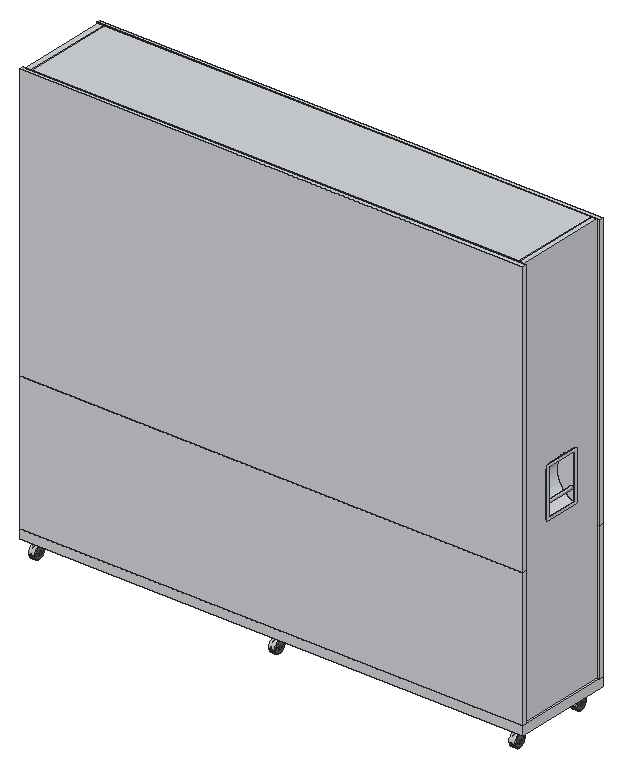
Revit family "ThinkingWall Divider", category Generic Models, Revit 2023
Family settings
  Can host rebar = No
  Round Connector Dimension = Use Diameter
  Part Type = Normal
  Work Plane-Based = No
  Always vertical = Yes
  Cut with Voids When Loaded = No
  Maintain Annotation Orientation = No
  Shared = No
  Room Calculation Point = No
Parameters (values of type "ThinkingWall® Divider")
  URL = "https://www.logovisual.com/product/whiteboards/thinkingwall/dividers/divider/"
  Model = "ThinkingWall® Divider"
  Manufacturer = "Logovisual LTD"
  End Panel Colour = none
  Description = "Double sided mobile whiteboard wall. Part of the ThinkingWall® range for flexible breakout and meeting spaces."
  Default Elevation = 0 mm
Reference planes
  plane 1 "Center (Front/Back)": y = 0
  plane 2: z = 0
  plane 3 "Center (Left/Right)": x = 0
  plane 4: y = 217.5
  plane 5: x = 2200
  plane 6: y = -217.5
  plane 7: x = 1100
  plane 8: z = 71.5
  plane 9 "a": z = 111.5
  plane 10: z = 1911.5
  plane 11: y = 200
  plane 12: y = -200
  plane 13: x = 34
  plane 14: x = 2166
  plane 15: z = 711.5
  plane 16: x = 10
  plane 17: x = 2190
  plane 18: z = 1893.5
  plane 19: z = 850
Forms (mm)
  Extrusion 1, solid
    sketch origin (-511.407, -1524, 71.5) x (-1, 0, 0) y (0, -1, 0)
      loop
        line (-511.407, -1741.5) -> (-511.407, -1306.5) -> (-2711.407, -1306.5) -> (-2711.407, -1741.5) -> (-511.407, -1741.5)
    from 0 to 40
  Extrusion 2, solid
    sketch origin (-511.407, -1524, 111.5) x (-1, 0, 0) y (0, -1, 0)
      loop
        line (-511.407, -1741.5) -> (-511.407, -1724) -> (-2711.407, -1724) -> (-2711.407, -1741.5) -> (-511.407, -1741.5)
    from 0 to 600
  Extrusion 3, solid, material <- "End Panel Colour"
    sketch origin (-511.407, -1524, 111.5) x (-1, 0, 0) y (0, -1, 0)
      loop
        line (-521.407, -1724) -> (-521.407, -1324) -> (-545.407, -1324) -> (-545.407, -1724) -> (-521.407, -1724)
    from 0 to 1800
  Extrusion 4, solid, material <- "End Panel Colour"
    sketch origin (-511.407, -1524, 111.5) x (-1, 0, 0) y (0, -1, 0)
      loop
        line (-2701.407, -1724) -> (-2677.407, -1724) -> (-2677.407, -1324) -> (-2701.407, -1324) -> (-2701.407, -1724)
    from 0 to 1800
  Extrusion 5, solid
    sketch origin (-511.407, -1524, 111.5) x (-1, 0, 0) y (0, -1, 0)
      loop
        line (-511.407, -1324) -> (-511.407, -1306.5) -> (-2711.407, -1306.5) -> (-2711.407, -1324) -> (-511.407, -1324)
    from 0 to 600
  Extrusion 6, solid
    sketch origin (-511.407, -1524, 711.5) x (-1, 0, 0) y (0, -1, 0)
      loop
        line (-511.407, -1741.5) -> (-511.407, -1724) -> (-2711.407, -1724) -> (-2711.407, -1741.5) -> (-511.407, -1741.5)
    from 0 to 1200
  Extrusion 7, solid
    sketch origin (-511.407, 1524, 711.5) x (-1, 0, 0) y (0, -1, 0)
      loop
        line (-511.407, 1741.5) -> (-2711.407, 1741.5) -> (-2711.407, 1724) -> (-511.407, 1724) -> (-511.407, 1741.5)
    from 0 to 1200
  Extrusion 8, solid
    sketch origin (-511.407, -1524, 111.5) x (-1, 0, 0) y (0, -1, 0)
      loop
        line (-545.407, -1724) -> (-545.407, -1324) -> (-2677.407, -1324) -> (-2677.407, -1724) -> (-545.407, -1724)
    from 1782 to 1800
  Extrusion 9, void
    sketch origin (0, 0, 0) x (0, 1, 0) y (0, 0, 1)
      loop
        line (81.5, 1060) -> (-81.5, 1060) -> (-81.5, 860) -> (81.5, 860) -> (81.5, 1060)
    from 10 to 108.105
  Extrusion 10, void
    sketch origin (2190, 448.47, 1200) x (0, -1, 0) y (0, 0, -1)
      loop
        line (529.97, 140) -> (529.97, 340) -> (366.97, 340) -> (366.97, 140) -> (529.97, 140)
    from 0 to -200
Cuts and joins
  Extrusion 9, Extrusion 10 cuts Extrusion 3
  Extrusion 10 cuts Extrusion 4
Dimensions and locks
  equal spacing: plane 4, plane 1 "Center (Front/Back)", plane 6
  plane 4 to plane 6 = 435 mm
  plane 3 "Center (Left/Right)" to plane 5 = 2200 mm
  locked: plane 3 "Center (Left/Right)" to nested 1 at 50
  locked: plane 4 to nested 1 at 50
  equal spacing: plane 3 "Center (Left/Right)", plane 7, plane 5
  locked: plane 4 to nested 2 at 50
  locked: nested 2 to plane 5 at 50
  locked: nested 4 to plane 5 at 50
  locked: plane 3 "Center (Left/Right)" to nested 3 at 50
  locked: plane 6 to nested 3 at 50
  locked: plane 6 to nested 4 at 50
  plane 9 "a" to plane 8 = 40 mm
  plane 10 to level = 1911.5 mm
  locked: plane 4 to plane 11 at 17.5
  locked: plane 6 to plane 12 at 17.5
  locked: plane 16 to plane 13 at 24
  locked: plane 14 to plane 17 at 24
  plane 15 to plane 9 "a" = 600 mm
  locked: plane 3 "Center (Left/Right)" to plane 16 at 10
  locked: plane 17 to plane 5 at 10
  locked: plane 10 to plane 18 at 18
  locked: plane 4 to nested 5 at 50
  locked: plane 6 to nested 6 at 50
  plane 10 to plane 15 = 1200 mm
  locked: plane 19 to level at 850
  aligned and locked: level to plane 2
  aligned and locked: Extrusion 1 sketch curve to plane 4
  aligned and locked: plane 3 "Center (Left/Right)" to Extrusion 1 sketch curve
  aligned and locked: Extrusion 1 sketch curve to plane 6
  aligned and locked: Extrusion 1 sketch curve to plane 5
  aligned and locked: Extrusion 1 to plane 8
  aligned and locked: Extrusion 1 to plane 9 "a"
  aligned and locked: Extrusion 2 sketch curve to plane 4
  aligned and locked: plane 3 "Center (Left/Right)" to Extrusion 2 sketch curve
  aligned and locked: Extrusion 2 sketch curve to plane 5
  aligned and locked: Extrusion 2 sketch curve to plane 11
  aligned and locked: Extrusion 2 to Extrusion 3 sketch curve
  aligned and locked: Extrusion 3 sketch curve to plane 13
  aligned and locked: Extrusion 4 sketch curve to Extrusion 2
  aligned and locked: plane 12 to Extrusion 4 sketch curve
  aligned and locked: plane 14 to Extrusion 4 sketch curve
  aligned and locked: plane 12 to Extrusion 5 sketch curve
  aligned and locked: Extrusion 5 sketch curve to Extrusion 1  (x2)
  aligned and locked: plane 15 to Extrusion 2
  aligned and locked: plane 12 to Extrusion 3
  aligned and locked: Extrusion 5 to plane 3 "Center (Left/Right)"
  aligned and locked: Extrusion 4 to plane 17
  aligned and locked: Extrusion 6 sketch curve to Extrusion 1  (x2)
  aligned and locked: Extrusion 6 sketch curve to plane 11
  aligned and locked: Extrusion 6 sketch curve to plane 5
  aligned and locked: Extrusion 6 to plane 15
  aligned and locked: plane 10 to Extrusion 6
  aligned and locked: Extrusion 7 sketch curve to plane 12
  aligned and locked: plane 6 to Extrusion 7 sketch curve
  aligned and locked: Extrusion 7 sketch curve to plane 3 "Center (Left/Right)"
  aligned and locked: plane 5 to Extrusion 7 sketch curve
  aligned and locked: Extrusion 8 sketch curve to Extrusion 3  (x2)
  aligned and locked: Extrusion 8 sketch curve to Extrusion 4  (x2)
  aligned and locked: Extrusion 8 to plane 18
  aligned and locked: plane 10 to Extrusion 8
  aligned and locked: plane 7 to nested 6
  aligned and locked: plane 7 to nested 5
  aligned and locked: plane 10 to Extrusion 7
  aligned and locked: plane 10 to Extrusion 3
  aligned and locked: plane 10 to Extrusion 4
  aligned and locked: plane 19 to nested 7
  aligned and locked: Extrusion 3 to Extrusion 9
  aligned and locked: nested 7 to plane 16
  aligned and locked: plane 1 "Center (Front/Back)" to nested 7
  aligned and locked: nested 7 to Extrusion 9  (x2)
  aligned and locked: Extrusion 9 to nested 7  (x2)
  aligned and locked: nested 8 to plane 19
  aligned and locked: nested 8 to plane 1 "Center (Front/Back)"
  aligned and locked: Extrusion 10 sketch curve to cut or joined group of Extrusion 3, Extrusion 9, Extrusion 10  (x2)
  aligned and locked: nested 7 to Extrusion 10 sketch curve
  aligned and locked: Extrusion 10 sketch curve to nested 7
  aligned and locked: Extrusion 10 to plane 17
  aligned and locked: plane 17 to nested 8
  aligned and locked: plane 15 to Extrusion 5
Automatic sketch dimensions
  plane 12 to Extrusion 3 sketch curve = 0 mm
  Extrusion 3 sketch curve to plane 16 = 0 mm
  Extrusion 4 sketch curve to plane 17 = 0 mm
  Extrusion 5 sketch curve to plane 3 "Center (Left/Right)" = 0 mm
  plane 1 "Center (Front/Back)" to Extrusion 9 sketch curve = 81.5 mm
  Extrusion 9 sketch curve to plane 1 "Center (Front/Back)" = 81.5 mm
  plane 19 to Extrusion 9 sketch curve = 10 mm
  Extrusion 9 sketch curve to Extrusion 9 sketch curve = 200 mm
Nested families
  nested 1: "50mm_Caster_Wheel 2" at (50, 167.5, 0) x (0, 1, 0) z (0, 0, 1), type "50mm_Caster_Wheel 2"
  nested 2: "50mm_Caster_Wheel 2" at (2150, 167.5, 0) x (0, 1, 0) z (0, 0, 1), type "50mm_Caster_Wheel 2"
  nested 3: "50mm_Caster_Wheel 2" at (50, -167.5, 0) x (0, 1, 0) z (0, 0, 1), type "50mm_Caster_Wheel 2"
  nested 4: "50mm_Caster_Wheel 2" at (2150, -167.5, 0) x (0, 1, 0) z (0, 0, 1), type "50mm_Caster_Wheel 2"
  nested 5: "50mm_Caster_Wheel 2" at (1100, 167.5, 0) x (0, 1, 0) z (0, 0, 1), type "50mm_Caster_Wheel 2"
  nested 6: "50mm_Caster_Wheel 2" at (1100, -167.5, 0) x (0, 1, 0) z (0, 0, 1), type "50mm_Caster_Wheel 2"
  nested 7: "handle" at (10, 0, 850) x (0, -1, 0) z (0, 0, 1), type "handle"
  nested 8: "handle" at (2190, 0, 850) x (0, -1, 0) z (0, 0, 1), type "handle"
Definition of nested family "50mm_Caster_Wheel 2"
  Parameters (values of type "50mm_Caster_Wheel 2")
    Default Elevation = 0 mm
  Reference planes
    plane 1 "Center (Front/Back)": y = 0
    plane 2: z = 0
    plane 3 "Center (Left/Right)": x = 0
    plane 4 "VWhlCntr": x = -22
    plane 5 "WhlCntr": z = 25
    plane 6: z = 56.73
    plane 7: z = 55.23
  Forms (mm)
    Revolve 1, solid
      sketch origin (0, 0, 25) x (-1, 0, 0) y (0, -1, 0)
        loop
          line (45.5, 13.5) -> (29.872, 13.5) -> (30.032, 14.411)
          arc (30.032, 14.411) -> (29.873, 15.004) -> (29.317, 15.263) r 0.727
          line (29.317, 15.263) -> (22, 15.263) -> (22, 4.169) -> (47, 4.169) -> (47, 12)
          arc (47, 12) -> (46.561, 13.061) -> (45.5, 13.5) r 1.5
        loop
          arc (45.5, -13.5) -> (46.561, -13.061) -> (47, -12) r 1.5
          line (47, -12) -> (47, -4.169) -> (22, -4.169) -> (22, -15.263) -> (29.317, -15.263)
          arc (29.317, -15.263) -> (29.873, -15.004) -> (30.032, -14.411) r 0.727
          line (30.032, -14.411) -> (29.872, -13.5) -> (45.5, -13.5)
        axis (22, 15.263) -> (22, -15.263)
      angle from 0 to 360
    Revolve 2, solid
      sketch origin (0, 0, 25) x (-1, 0, 0) y (0, -1, 0)
        loop
          line (22, 3.174) -> (33.047, 3.174)
          arc (33.047, 3.174) -> (32.755, 3.878) -> (32.052, 4.169) r 0.995
          line (32.052, 4.169) -> (22, 4.169) -> (22, 3.174)
        loop
          line (22, -3.174) -> (22, -4.169) -> (32.052, -4.169)
          arc (32.052, -4.169) -> (32.755, -3.878) -> (33.047, -3.174) r 0.995
          line (33.047, -3.174) -> (22, -3.174)
        axis (22, 4.169) -> (22, -4.169)
      angle from 0 to 360
    Revolve 3, solid
      sketch origin (0, 0, 0) x (1, 0, 0) y (0, 0, 1)
        loop
          line (0, 60) -> (21.525, 60) -> (21.525, 62.198)
          arc (21.525, 62.198) -> (20.577, 63.345) -> (19.43, 64.292) r 7.866
          arc (19.43, 64.292) -> (16.996, 68.264) -> (12.416, 67.416) r 4.113
          line (12.416, 67.416) -> (10, 65) -> (10, 70) -> (0, 70) -> (0, 60)
        axis (0, 60) -> (0, 70)
      angle from 0 to 360
    Extrusion 4, solid
      sketch origin (0, 0, 0) x (1, 0, 0) y (0, 0, 1)
        loop
          circle (-22, 25) r 2.964
      from -12.5 to 12.5
    Extrusion 5, solid
      sketch origin (0, 0, 70) x (1, 0, 0) y (0, 1, 0)
        loop
          line (-25, 25) -> (-25, -25) -> (25, -25) -> (25, 25) -> (-25, 25)
      from 0 to 1.5
    Extrusion 6, solid
      sketch origin (0, 0, 0) x (1, 0, 0) y (0, 0, 1)
        loop
          line (-49.398, 25.312) -> (-47.348, 25.312)
          arc (-47.348, 25.312) -> (-22.059, 50.601) -> (3.229, 25.313) r 25.288
          line (3.229, 25.313) -> (5.279, 25.313)
          arc (5.279, 25.313) -> (-22.059, 52.651) -> (-49.398, 25.312) r 27.339
      from -13.5 to 13.5
    Extrusion 7, solid
      sketch origin (0, 0, 0) x (1, 0, 0) y (0, 0, 1)
        loop
          arc (-22.059, 52.651) -> (-2.728, 44.644) -> (5.279, 25.312) r 27.339
          line (5.279, 25.312) -> (5.279, 60) -> (-22.059, 60) -> (-22.059, 52.651)
      from -13.5 to 13.5
  Dimensions and locks
    plane 3 "Center (Left/Right)" to plane 4 "VWhlCntr" = 22 mm
    Revolve 3 to level = 70 mm
    Revolve 3 to plane 2 = 70 mm
    diameter of Revolve 1 = 50 mm
    aligned and locked: level to plane 2
Definition of nested family "handle"
  Parameters (values of type "handle")
    Handle Material = none
    Default Elevation = 0 mm
  Reference planes
    plane 1 "Center (Front/Back)": y = 0
    plane 2: z = 0
    plane 3 "Center (Left/Right)": x = 0
    plane 4: z = 220
    plane 5: x = -81.5
    plane 6: x = 81.5
    plane 7: x = -71.5
    plane 8: z = 210
    plane 9: z = 10
    plane 10: z = 110
    plane 11: x = 71.5
    plane 12: z = 62
  Forms (mm)
    Extrusion 1, solid, material <- "Handle Material"
      sketch origin (0, 0, 0) x (1, 0, 0) y (0, 0, 1)
        loop
          arc (-74.5, 220) -> (-79.45, 217.95) -> (-81.5, 213) r 7
          line (-81.5, 213) -> (-81.5, 7)
          arc (-81.5, 7) -> (-79.45, 2.05) -> (-74.5, 0) r 7
          line (-74.5, 0) -> (74.5, 0)
          arc (74.5, 0) -> (79.45, 2.05) -> (81.5, 7) r 7
          line (81.5, 7) -> (81.5, 213)
          arc (81.5, 213) -> (79.45, 217.95) -> (74.5, 220) r 7
          line (74.5, 220) -> (-74.5, 220)
        loop
          line (-71.5, 210) -> (-71.5, 10) -> (71.5, 10) -> (71.5, 210) -> (-71.5, 210)
      from 0 to 5
    Extrusion 2, solid, material <- "Handle Material"
      sketch origin (0, 0, 0) x (0, 1, 0) y (0, 0, 1)
        loop
          arc (0, 210) -> (73.091, 110) -> (0, 10) r 104.953
          line (0, 10) -> (0, 0.472) -> (3.036, 0.472)
          arc (3.036, 0.472) -> (83.091, 110) -> (3.036, 219.528) r 114.953
          line (3.036, 219.528) -> (0, 219.528) -> (0, 210)
      from -71.5 to 71.5
    Extrusion 3, solid, material <- "Handle Material"
      sketch origin (-71.5, -1524, 343.23) x (0, 0, 1) y (0, -1, 0)
        loop
          line (-133.23, -1524) -> (-333.23, -1524)
          arc (-333.23, -1524) -> (-233.23, -1597.091) -> (-133.23, -1524) r 104.953
      from -10 to 0
    Extrusion 4, solid, material <- "Handle Material"
      sketch origin (71.5, -1524, 343.23) x (0, 0, 1) y (0, 1, 0)
        loop
          arc (-133.23, 1524) -> (-233.23, 1597.091) -> (-333.23, 1524) r 104.953
          line (-333.23, 1524) -> (-133.23, 1524)
      from -10 to 0
    Sweep 5, solid, material <- "Handle Material"
      path origin (0, 0, 0) x (1, 0, 0) y (0, 0, 1)
        loop
          line (-71.5, 62) -> (71.5, 62)
      profile origin (0, 0, 62) x (0, 0, 1) y (0, -1, 0)
        loop
          circle (0, -7.974) r 5
  Dimensions and locks
    equal spacing: plane 5, plane 3 "Center (Left/Right)", plane 6
    locked: plane 6 to plane 5 at 163
    locked: plane 4 to level at 220
    equal spacing: plane 4, plane 10, level
    locked: plane 4 to plane 8 at 10
    locked: plane 9 to level at 10
    locked: plane 7 to plane 5 at 10
    locked: plane 11 to plane 6 at 10
    plane 12 to level = 62 mm
    radius of Extrusion 1 sketch curve = 7 mm  (x4)
    aligned and locked: level to plane 2
    aligned and locked: Extrusion 1 sketch curve to plane 4
    aligned and locked: plane 5 to Extrusion 1 sketch curve
    aligned and locked: plane 2 to Extrusion 1 sketch curve
    aligned and locked: plane 6 to Extrusion 1 sketch curve
    aligned and locked: Extrusion 1 sketch curve to plane 8
    aligned and locked: plane 7 to Extrusion 1 sketch curve
    aligned and locked: plane 9 to Extrusion 1 sketch curve
    aligned and locked: plane 11 to Extrusion 1 sketch curve
    aligned and locked: Extrusion 2 to plane 7
    aligned and locked: Extrusion 2 to plane 11
    aligned and locked: plane 7 to Extrusion 3
    aligned and locked: Extrusion 3 to plane 5
    aligned and locked: plane 11 to Extrusion 4
    aligned and locked: Extrusion 4 to plane 6
    aligned and locked: Sweep 5 sketch curve to plane 12
    aligned and locked: plane 7 to Sweep 5 sketch curve
    aligned and locked: plane 11 to Sweep 5 sketch curve
  Automatic sketch dimensions
    Extrusion 2 sketch curve to Extrusion 2 sketch curve = 0 mm  (x2)
    Extrusion 2 sketch curve to plane 10 = 0 mm
    Extrusion 2 sketch curve to plane 1 "Center (Front/Back)" = 0 mm  (x2)
    Extrusion 2 sketch curve to plane 9 = 0 mm
    plane 1 "Center (Front/Back)" to Extrusion 2 sketch curve = 31.863 mm
    Extrusion 2 sketch curve to plane 4 = 0.472 mm
    Extrusion 2 sketch curve to plane 1 "Center (Front/Back)" = 3.036 mm
    level to Extrusion 2 sketch curve = 0.472 mm
    Extrusion 3 sketch curve to plane 1 "Center (Front/Back)" = 0 mm
    Extrusion 3 sketch curve to plane 9 = 0 mm
    Extrusion 3 sketch curve to plane 10 = 0 mm
    plane 1 "Center (Front/Back)" to Extrusion 3 sketch curve = 31.863 mm
    Extrusion 4 sketch curve to plane 1 "Center (Front/Back)" = 0 mm
    Extrusion 4 sketch curve to plane 9 = 0 mm
    Extrusion 4 sketch curve to plane 10 = 0 mm
    plane 1 "Center (Front/Back)" to Extrusion 4 sketch curve = 31.863 mm
    Sweep 5 sketch curve to plane 1 "Center (Front/Back)" = 7.974 mm
    profile plane to Sweep 5 sketch curve = 0 mm
    radius of Sweep 5 sketch curve = 5 mm
